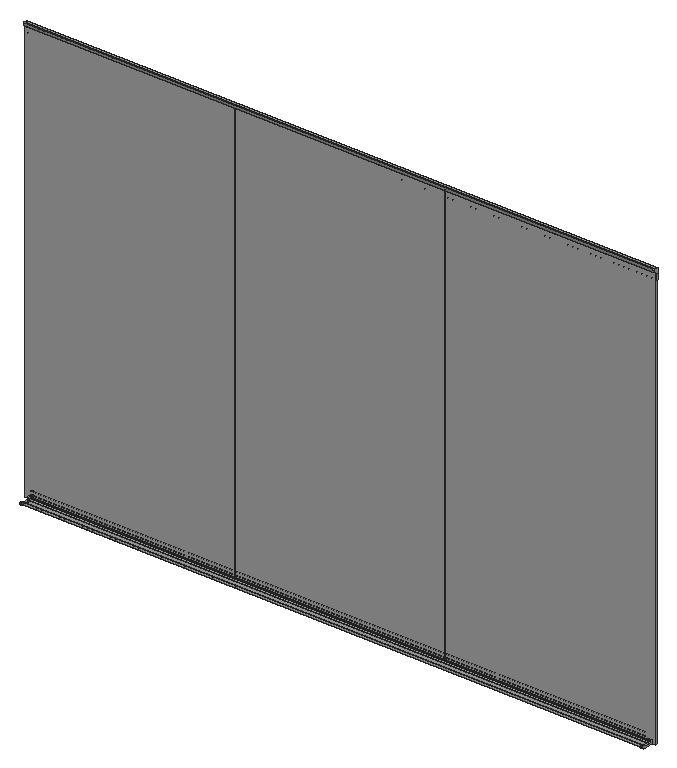
Revit family "Fluent Glass Wall 8x12", category Generic Models, Revit 2018
Family settings
  Can host rebar = No
  Round Connector Dimension = Use Diameter
  Part Type = Normal
  Work Plane-Based = No
  Always vertical = Yes
  Cut with Voids When Loaded = No
  Shared = No
  Room Calculation Point = No
Parameters
  Panel #3 = Fluent Glass Wall 8x12 Panel #3
  Panel #2 = Fluent Glass Wall 8x12 Panel #2
  Panel #1 = Fluent Glass Wall 8x12 Panel #1
Reference planes (in)
  plane 1 "Center (Front/Back)": y = 0
  plane 2: z = 0
  plane 3 "Center (Left/Right)": x = 0
Forms (in)
  Extrusion 1, solid, material "Fluent Glass Wall Trim Metal"
    sketch origin (-23.62205, 0, -11.96875) x (0, 1, 0) y (0, 0, 1)
      loop
        line (-0.28802, 12.71551) -> (-0.28802, 12.22363) -> (-0.48802, 12.22363) -> (-0.48802, 12.77363) -> (-0.60087, 12.77363)
        arc (-0.60087, 12.77363) -> (-0.62209, 12.76485) -> (-0.63087, 12.74363) r 0.03
        line (-0.63087, 12.74363) -> (-0.63087, 12.45418)
        arc (-0.63087, 12.45418) -> (-0.67788, 12.32564) -> (-0.79672, 12.25776) r 0.19924
        arc (-0.79672, 12.25776) -> (-0.86084, 12.24904) -> (-0.92548, 12.24613) r 0.7187
        line (-0.92548, 12.24613) -> (-1.97548, 12.24613)
        arc (-1.97548, 12.24613) -> (-2.26159, 12.30205) -> (-2.50559, 12.4616) r 0.75985
        arc (-2.50559, 12.4616) -> (-2.80704, 12.55283) -> (-2.79142, 12.23827) r 0.19261
        arc (-2.79142, 12.23827) -> (-2.48945, 12.06146) -> (-2.14496, 12) r 0.99607
        line (-2.14496, 12) -> (0, 12) -> (0, 12.30193)
        arc (0, 12.30193) -> (-0.0275, 12.32943) -> (-0.055, 12.30193) r 0.0275
        line (-0.055, 12.30193) -> (-0.055, 12.20843) -> (-0.20802, 12.20843) -> (-0.20802, 12.69439) -> (-0.0848, 12.81762)
        arc (-0.0848, 12.81762) -> (-0.06815, 12.82253) -> (-0.055, 12.81121) r 0.01814
        line (-0.055, 12.81121) -> (-0.055, 12.65693)
        arc (-0.055, 12.65693) -> (-0.0275, 12.62943) -> (0, 12.65693) r 0.0275
        line (0, 12.65693) -> (0, 13.70847)
        arc (0, 13.70847) -> (-0.03996, 13.74843) -> (-0.07993, 13.70847) r 0.03996
        line (-0.07993, 13.70847) -> (-0.07993, 13.62094)
        arc (-0.07993, 13.62094) -> (-0.07047, 13.60109) -> (-0.05, 13.59302) r 0.03
        line (-0.05, 13.59302) -> (-0.05, 13.15338)
        arc (-0.05, 13.15338) -> (-0.07121, 13.14459) -> (-0.08, 13.12338) r 0.03
        line (-0.08, 13.12338) -> (-0.08, 12.92353) -> (-0.28802, 12.71551)
    from -46.26181 to 93.50591
  Extrusion 2, solid, material "Fluent Glass Wall Trim Metal"
    sketch origin (-23.62205, 0, 12.64022) x (0, 1, 0) y (0, 0, 1)
      loop
        line (0, 83.35978) -> (-0.645, 83.35978)
        arc (-0.645, 83.35978) -> (-0.73852, 83.31739) -> (-0.76829, 83.21911) r 0.12436
        arc (-0.76829, 83.21911) -> (-0.57148, 82.66433) -> (-0.166, 82.23759) r 1.41542
        line (-0.166, 82.23759) -> (-0.166, 82.19574)
        arc (-0.166, 82.19574) -> (-0.16235, 82.17737) -> (-0.15194, 82.1618) r 0.048
        line (-0.15194, 82.1618) -> (-0.1, 82.10985) -> (-0.1, 81.00078)
        arc (-0.1, 81.00078) -> (-0.05, 80.95078) -> (0, 81.00078) r 0.05
        line (0, 81.00078) -> (0, 83.35978)
    from -47.24409 to 94.48819
  Extrusion 3, solid, material "Fluent Glass Wall 8x12 Panel #2" <- "Panel #2"
    sketch origin (-23.62205, 0, 0) x (0, 1, 0) y (0, 0, 1)
      loop
        line (-0.48802, 0.25488) -> (-0.28802, 0.25488) -> (-0.28802, 95.73) -> (-0.48802, 95.73) -> (-0.48802, 0.25488)
    from 0 to 47.24409
  Extrusion 4, solid, material "Fluent Glass Wall 8x12 Panel #1" <- "Panel #1"
    sketch origin (-23.62205, 0, 0) x (0, 1, 0) y (0, 0, -1)
      loop
        line (-0.48802, -0.25488) -> (-0.48802, -95.73) -> (-0.28802, -95.73) -> (-0.28802, -0.25488) -> (-0.48802, -0.25488)
    from 0 to 47.24409
  Extrusion 5, solid, material "Fluent Glass Wall Trim Black"
    sketch origin (-23.62205, 0, -11.96875) x (0, 1, 0) y (0, 0, -1)
      loop
        line (-0.48802, -12.80488) -> (-0.48802, -11.96875) -> (-2.14496, -11.96875)
        arc (-2.14496, -11.96875) -> (-2.49924, -12.03177) -> (-2.81005, -12.2131) r 1.02732
        arc (-2.81005, -12.2131) -> (-2.82851, -12.57569) -> (-2.47857, -12.47895) r 0.22386
        arc (-2.47857, -12.47895) -> (-2.24646, -12.32965) -> (-1.97548, -12.27738) r 0.7286
        line (-1.97548, -12.27738) -> (-0.92548, -12.27738)
        arc (-0.92548, -12.27738) -> (-0.86355, -12.28017) -> (-0.80213, -12.28853) r 0.68745
        arc (-0.80213, -12.28853) -> (-0.70181, -12.34573) -> (-0.66212, -12.45418) r 0.16799
        line (-0.66212, -12.45418) -> (-0.66212, -12.74363)
        arc (-0.66212, -12.74363) -> (-0.64418, -12.78694) -> (-0.60087, -12.80488) r 0.06125
        line (-0.60087, -12.80488) -> (-0.48802, -12.80488)
    from 45.75863 to 46.29027
  Extrusion 6, solid, material "Fluent Glass Wall 8x12 Panel #3" <- "Panel #3"
    sketch origin (23.62205, 0, 0) x (0, 1, 0) y (0, 0, 1)
      loop
        line (-0.48802, 0.25488) -> (-0.28802, 0.25488) -> (-0.28802, 95.73) -> (-0.48802, 95.73) -> (-0.48802, 0.25488)
    from 0 to 47.24409
  Extrusion 7, solid, material "Fluent Glass Wall Trim Black"
    sketch origin (23.62205, 0, -11.96875) x (0, 1, 0) y (0, 0, 1)
      loop
        line (-0.48802, 12.80488) -> (-0.60087, 12.80488)
        arc (-0.60087, 12.80488) -> (-0.64418, 12.78694) -> (-0.66212, 12.74363) r 0.06125
        line (-0.66212, 12.74363) -> (-0.66212, 12.45418)
        arc (-0.66212, 12.45418) -> (-0.70181, 12.34573) -> (-0.80213, 12.28853) r 0.16799
        arc (-0.80213, 12.28853) -> (-0.86355, 12.28017) -> (-0.92548, 12.27738) r 0.68745
        line (-0.92548, 12.27738) -> (-1.97548, 12.27738)
        arc (-1.97548, 12.27738) -> (-2.24646, 12.32965) -> (-2.47857, 12.47895) r 0.7286
        arc (-2.47857, 12.47895) -> (-2.82851, 12.57569) -> (-2.81005, 12.2131) r 0.22386
        arc (-2.81005, 12.2131) -> (-2.49924, 12.03177) -> (-2.14496, 11.96875) r 1.02732
        line (-2.14496, 11.96875) -> (-0.48802, 11.96875) -> (-0.48802, 12.80488)
    from 45.75863 to 46.29027
Dimensions and locks (in)
  aligned and locked: level to plane 2
